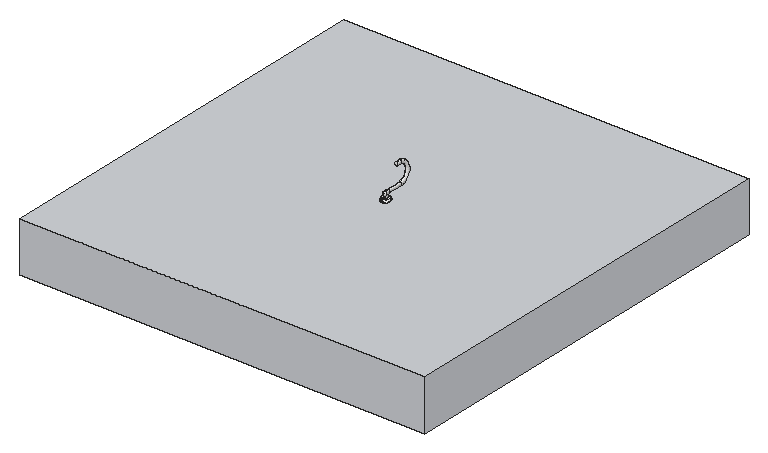
Revit family "Outlet-Basin-Caroma G Series 120-Wall_Temp_8706ad0d-4d18-450b-8560-28e861bcd8ed", category Plumbing Fixtures, host Face, Revit 2015
Parameters (values of type "Chrome")
  Waste Connection = no
  Vent Connection = no
  URL = "http://specify.caroma.com.au/"
  Type Comments = "Caroma G Series Plus Wall Basin Outlet 120mm"  # constant formula
  ModifiedIssue_ANZRS = 20170419.54  # constant formula
  Model = "G02700C5A"  # constant formula
  Material_ANZRS = Metal-Chrome-Caroma
  Manufacturer = "GWA Bathrooms&Kitchens"  # constant formula
  Keynote = ""
  HWFU = 0
  HW Connection = no
  Description = "WELS 5 star rated, 6L/min"  # constant formula
  Default Elevation = 1000 mm
  CreatedBy_ANZRS = "Design Content"  # constant formula
  CreatedByURL_ANZRS = "http://www.designcontent.com.au/"
  Cost = 0
  ConnectorDiameter = 20 mm
  CWFU = 0
  CW Connection = yes
  Assembly Code = "D2020"
Reference planes
  plane 1 "Center (Front/Back)": y = 0
  plane 2: z = 0
  plane 3 "Center (Left/Right)": x = 0
Forms (mm)
  Extrusion 1, solid
    sketch origin (-11.577, 4.584, 0) x (1, 0, 0) y (0, 1, 0)
      loop
        line (-1219.2, 1219.2) -> (-1219.2, -1219.2) -> (1219.2, -1219.2) -> (1219.2, 1219.2) -> (-1219.2, 1219.2)
    from 0 to -304.8
  Revolve 2, solid, material "Metal-Chrome-Caroma" <- "Material_ANZRS"
    sketch origin (0.225, 0, 0) x (0, 1, 0) y (0, 0, 1)
      loop
        line (-23.862, 9.872) -> (-28.131, 0.717)
        arc (-28.131, 0.717) -> (-28.127, 0.275) -> (-27.781, 0) r 0.513
        line (-27.781, 0) -> (0, 0) -> (0, 38.218) -> (-7.998, 38.218) -> (-7.998, 15.834)
        arc (-7.998, 15.834) -> (-8.762, 13.833) -> (-10.667, 12.853) r 3
        arc (-10.667, 12.853) -> (-13.746, 12.425) -> (-16.821, 11.962) r 270.607
        arc (-16.821, 11.962) -> (-19.88, 11.399) -> (-22.905, 10.675) r 58.369
        arc (-22.905, 10.675) -> (-23.472, 10.379) -> (-23.862, 9.872) r 1.478
      axis (0, 38.218) -> (0, 0)
    angle from 0 to 360
  Revolve 3, solid, material "Metal-Chrome-Caroma" <- "Material_ANZRS"
    sketch origin (0.156, 0, 0) x (0, 1, 0) y (0, 0, 1)
      loop
        arc (-13.001, 29.99) -> (-12.125, 27.876) -> (-10.011, 27) r 2.99
        line (-10.011, 27) -> (13.544, 27)
        arc (13.544, 27) -> (14.558, 27.42) -> (15.006, 28.434) r 1.434
        line (15.006, 28.434) -> (15.006, 38.099) -> (-13.001, 38.099) -> (-13.001, 29.99)
      axis (-13.001, 38.099) -> (15.006, 38.099)
    angle from 0 to 360
  Sweep 4, solid, material "Metal-Chrome-Caroma" <- "Material_ANZRS"
    path origin (0, 0, 0) x (0, 1, 0) y (0, 0, 1)
      loop
        line (14.964, 38.103) -> (104.028, 38.103)
        arc (104.028, 38.103) -> (164.027, 98.101) -> (104.028, 158.1) r 59.999
        line (104.028, 158.1) -> (83.296, 158.1)
    profile origin (0, 59.496, 38.103) x (0, 0, 1) y (1, 0, 0)
      loop
        circle (-0.035, 0.283) r 9.5
Cuts and joins
  joined: Revolve 2, Revolve 3
Lines and regions (mm)
  Masking region 1
    outline origin (0, -0.549, 0) x (0, 1, 0) y (0, 0, 1)
      loop
        line (104.573, 167.629) -> (83.841, 167.629) -> (83.841, 148.575) -> (104.553, 148.575)
        arc (104.553, 148.575) -> (155.027, 98.1) -> (104.553, 47.625) r 50.475
        line (104.553, 47.625) -> (15.555, 47.625)
        arc (15.555, 47.625) -> (15.507, 48.061) -> (15.346, 48.47) r 1.655
        arc (15.346, 48.47) -> (14.76, 49.041) -> (13.956, 49.198) r 1.434
        line (13.956, 49.198) -> (-9.445, 49.198)
        arc (-9.445, 49.198) -> (-11.571, 48.318) -> (-12.452, 46.192) r 3.006
        line (-12.452, 46.192) -> (-12.452, 29.99)
        arc (-12.452, 29.99) -> (-11.576, 27.876) -> (-9.462, 27) r 2.99
        line (-9.462, 27) -> (-7.449, 27) -> (-7.449, 15.824)
        arc (-7.449, 15.824) -> (-7.696, 14.777) -> (-8.213, 13.834) r 3.998
        arc (-8.213, 13.834) -> (-9.1, 13.216) -> (-10.117, 12.853) r 4.08
        arc (-10.117, 12.853) -> (-13.197, 12.425) -> (-16.271, 11.962) r 270.607
        arc (-16.271, 11.962) -> (-19.331, 11.399) -> (-22.355, 10.675) r 58.369
        arc (-22.355, 10.675) -> (-22.923, 10.379) -> (-23.312, 9.872) r 1.478
        line (-23.312, 9.872) -> (-27.581, 0.717)
        arc (-27.581, 0.717) -> (-27.577, 0.275) -> (-27.231, 0) r 0.513
        line (-27.231, 0) -> (0.549, 0) -> (28.33, 0)
        arc (28.33, 0) -> (28.676, 0.275) -> (28.68, 0.717) r 0.513
        line (28.68, 0.717) -> (24.411, 9.872)
        arc (24.411, 9.872) -> (24.021, 10.379) -> (23.454, 10.675) r 1.478
        arc (23.454, 10.675) -> (20.429, 11.399) -> (17.37, 11.962) r 58.369
        arc (17.37, 11.962) -> (14.295, 12.425) -> (11.216, 12.853) r 270.607
        arc (11.216, 12.853) -> (10.198, 13.216) -> (9.312, 13.834) r 4.08
        arc (9.312, 13.834) -> (8.795, 14.777) -> (8.548, 15.824) r 3.998
        line (8.548, 15.824) -> (8.548, 27) -> (14.094, 27)
        arc (14.094, 27) -> (14.82, 27.198) -> (15.346, 27.736) r 1.434
        arc (15.346, 27.736) -> (15.506, 28.141) -> (15.555, 28.575) r 1.655
        line (15.555, 28.575) -> (104.573, 28.575)
        arc (104.573, 28.575) -> (174.1, 98.102) -> (104.573, 167.629) r 69.527
  Masking region 2
    outline origin (0, 0, 0) x (1, 0, 0) y (0, 0, 1)
      loop
        line (-9.217, 158.141) -> (-9.217, 43.929)
        arc (-9.217, 43.929) -> (-10.854, 36.88) -> (-7.771, 30.332) r 11.035
        line (-7.771, 30.332) -> (-7.771, 15.666)
        arc (-7.771, 15.666) -> (-8.602, 13.78) -> (-10.442, 12.853) r 3.051
        arc (-10.442, 12.853) -> (-12.999, 12.516) -> (-15.55, 12.135) r 148.371
        arc (-15.55, 12.135) -> (-18.516, 11.652) -> (-21.447, 10.988) r 49.043
        arc (-21.447, 10.988) -> (-22.12, 10.828) -> (-22.785, 10.642) r 17.544
        arc (-22.785, 10.642) -> (-23.26, 10.378) -> (-23.587, 9.945) r 1.316
        line (-23.587, 9.945) -> (-27.893, 0.728)
        arc (-27.893, 0.728) -> (-27.912, 0.277) -> (-27.556, 0) r 0.493
        line (-27.556, 0) -> (28.005, 0)
        arc (28.005, 0) -> (28.361, 0.277) -> (28.343, 0.728) r 0.493
        line (28.343, 0.728) -> (24.036, 9.945)
        arc (24.036, 9.945) -> (23.709, 10.378) -> (23.235, 10.642) r 1.316
        arc (23.235, 10.642) -> (22.569, 10.828) -> (21.896, 10.988) r 17.544
        arc (21.896, 10.988) -> (18.965, 11.652) -> (15.999, 12.135) r 49.043
        arc (15.999, 12.135) -> (13.448, 12.516) -> (10.891, 12.853) r 148.371
        arc (10.891, 12.853) -> (9.051, 13.78) -> (8.22, 15.666) r 3.051
        line (8.22, 15.666) -> (8.22, 30.405)
        arc (8.22, 30.405) -> (11.218, 36.751) -> (9.783, 43.621) r 11.035
        line (9.783, 43.621) -> (9.783, 158.141)
        arc (9.783, 158.141) -> (0.283, 167.641) -> (-9.217, 158.141) r 9.5
  Masking region 3
    outline origin (0.449, 3.868, 0) x (-1, 0, 0) y (0, -1, 0)
      loop
        line (-9.328, -22.635) -> (-9.328, -160.187)
        arc (-9.328, -160.187) -> (0.169, -169.684) -> (9.666, -160.187) r 9.497
        line (9.666, -160.187) -> (9.666, -22.679)
        arc (9.666, -22.679) -> (0.295, 31.648) -> (-9.328, -22.635) r 27.983
  symbolic lines, style "PlumbingFixtures"
    curve 1: arc (0, -7.999, 27) -> (0, -4.276, 29.352) -> (0, 0, 30.405) r 13.735
    curve 2: arc (0, 7.999, 27) -> (0, 4.276, 29.352) -> (0, 0, 30.405) r 13.735
    curve 3: arc (0.283, 0, 28.568) -> (7.003, 0, 31.353) -> (9.783, 0, 38.076) r 9.5
    curve 4: arc (-9.217, 0, 38.068) -> (-6.435, 0, 31.35) -> (0.283, 0, 28.568) r 9.5
    curve 5: line (0, 15.006, 47.63) -> (0, 15.006, 28.575)
    curve 6: line (-9.261, 83.296, 0) -> (9.919, 83.296, 0)
  symbolic lines
    curve 7: line (-9.521, 15.001, 0) -> (9.763, 15.001, 0)
    curve 8: line (-10.936, -10.08, 0) -> (-10.936, 13.586, 0)
    curve 9: line (8.23, -13, 0) -> (-8.016, -13, 0)
    curve 10: line (11.262, 13.502, 0) -> (11.262, -9.968, 0)
    curve 11: arc (-8.016, -13, 0) -> (-10.081, -12.145, 0) -> (-10.936, -10.08, 0) r 2.92
    curve 12: arc (11.262, -9.968, 0) -> (10.374, -12.112, 0) -> (8.23, -13, 0) r 3.032
    curve 13: arc (9.763, 15.001, 0) -> (10.823, 14.562, 0) -> (11.262, 13.502, 0) r 1.499
    curve 14: arc (-10.936, 13.586, 0) -> (-10.522, 14.586, 0) -> (-9.521, 15.001, 0) r 1.415
    curve 15: line (-9.216, 26.547, 0) -> (-9.216, 15.001, 0)
    curve 16: line (9.777, 26.503, 0) -> (9.777, 15.001, 0)
    curve 17: arc (8.22, 0, 30.405) -> (0.189, 0, 27) -> (-7.842, 0, 30.405) r 11.173
    curve 18: line (-9.217, 0, 43.929) -> (-9.217, 0, 38.068)
    curve 19: line (9.783, 0, 43.621) -> (9.783, 0, 38.076)
Dimensions and locks
  aligned and locked: plane 2 to Extrusion 1
  aligned and locked: level to Extrusion 1
Connectors
  piping at (0.225, 0, 0), diameter 20, driven by "ConnectorDiameter"
    settings: on Revolve 2, index 1, connector inside diameter 24", connector length 0 mm, flow factor 0, pipe flow 0 GPM, pressure drop 0.00 psi, fitting loss kfactor 0, connector angle 0.00°, fixture units 0, engagement length 0 mm, angle of deflection 0.00°, flow configuration 3, flow direction 1, fitting loss method 0, system type 20, joint type 0, gender type 0, connector reference index -1, connector utility 0, adjustable connector no, is connector primary yes, connector description "Connector"
